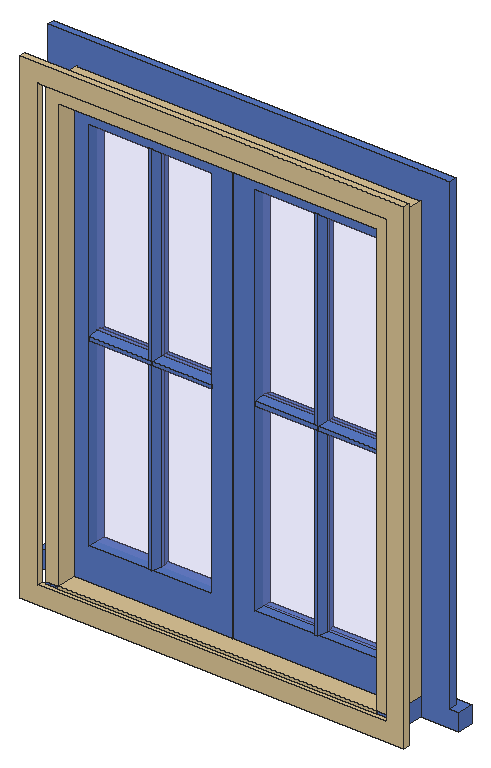
Revit family
Parameters (values of type "800 x 1200")
  Sash Thickness = 50 mm
  Rebate Thickness = 17 mm
  WithinWall = 0 mm
  Operation = "UserDefined"
  Keynote = "45-13-013"
  CoverBd Width = 90 mm
  Structural Tolerance = 5 mm
  Sill Thickness = 45 mm
  Rough Width = 894 mm
  Rough Height = Height + (2 * (Frame Thickness + Structural Tolerance))  # 1274 mm
  Height = 1200 mm
  Frame Thickness = 32 mm
  Default Sill Height = 800 mm
  CoverBd Thickness = 20 mm
  Wall Closure = (empty or 0)
  Width = 820 mm
  Architrave Width = 45 mm
  Architrave Thickness = 15 mm
Types (4, lengths in mm): name | Rebate Thickness | Keynote | Sill Thickness | Rough Width | Rough Height | Height | Width
  (no name) | 17 | "45-13-013" | 45 | 894 | 1274 | 1200 | 820
  1200 x 1400 | 15 | "45-13-014" | 45 | 1294 | 1474 | 1400 | 1220
  1000 x 1200 | 17 | "45-13-012" | 55 | 1094 | 1274 | 1200 | 1020
  800 x 1200 | 17 | "45-13-013" | 45 | 894 | 1274 | 1200 | 820
Reference planes
  plane 1: y = 50
  plane 2 "Center (Left/Right)": x = 7
  plane 3 "Left": x = -440
  plane 4 "Right": x = 454
  plane 5 "Sill": z = 912.616
  plane 6 "Head": z = 2112.616
  plane 7 "Exterior": y = 100
  plane 8 "Interior": y = 0
  plane 9: x = -435
  plane 10: x = 449
  plane 11: x = -403
  plane 12: x = 417
  plane 13 "Back of Sash": y = 50
  plane 14: z = 917.616
  plane 15: z = 2107.616
  plane 16: z = 2075.616
  plane 17: z = 962.616
  plane 18 "Rebate Left": x = -420
  plane 19 "Rebate Right": x = 434
  plane 20: z = 1526.616
  plane 21: z = 2090.616
  plane 22: x = -206.5
  plane 23: x = 220.5
  plane 24 "GlassFace": y = 75
  plane 25: x = -48
  plane 26: x = 62
  plane 27: z = 1047.616
  plane 28: x = 379
  plane 29: z = 2020.616
  plane 30: x = -365
Forms (mm)
  Extrusion 1, solid
    sketch origin (0, 0, 912.616) x (0, -1, 0) y (1, 0, 0)
      loop
        line (0, -435) -> (0, 449) -> (-100, 449) -> (-100, 549) -> (-140, 549) -> (-140, -535) -> (-100, -535) -> (-100, -435) -> (0, -435)
    from 5 to 50
  Sweep 2, solid, detail levels fine
    path origin (0, 0, 0) x (1, 0, 0) y (0, 0, 1)
      loop
        line (-440, 2112.616) -> (-440, 962.616) -> (449, 962.616) -> (449, 2112.616) -> (-440, 2112.616)
    profile origin (4.5, 0, 0) x (0, 0, 1) y (0, -1, 0)
      loop
        line (2117.616, 0) -> (2162.616, 0) -> (2162.616, 15) -> (2117.616, 15) -> (2117.616, 0)
  Extrusion 3, solid, detail levels medium+fine
    sketch origin (0, 0, 912.616) x (0, -1, 0) y (1, 0, 0)
      loop
        line (1.293, -403) -> (1.293, 417) -> (-50, 417) -> (-50, -403) -> (1.293, -403)
    from 35.759 to 52.652
  Extrusion 4, solid
    sketch origin (0, 100, 0) x (1, 0, 0) y (0, 0, 1)
      loop
        line (434, 1047.616) -> (434, 2038.616) -> (62, 2038.616) -> (62, 1047.616) -> (434, 1047.616)
    from 25 to 16.095
  Extrusion 5, solid
    sketch origin (-527, 75, 0) x (1, 0, 0) y (0, 0, 1)
      loop
        line (534, 1042.616) -> (534, 2040.616) -> (162, 2040.616) -> (162, 1042.616) -> (534, 1042.616)
    from 0 to -8.905
  Extrusion 6, solid, detail levels medium+fine
    sketch origin (0, 0, 912.616) x (0, -1, 0) y (1, 0, 0)
      loop
        line (-100, -202.321) -> (-100, -210.563) -> (-83.905, -215.793) -> (-75, -215.793) -> (-50, -211.5) -> (-50, -201.5) -> (-75, -197.092) -> (-83.905, -197.092) -> (-100, -202.321)
    from 135 to 1108
  Extrusion 7, solid, detail levels medium+fine
    sketch origin (0, 0, 912.616) x (0, -1, 0) y (1, 0, 0)
      loop
        line (-100, 224.398) -> (-100, 216.816) -> (-83.905, 211.274) -> (-75, 211.274) -> (-50, 216.133) -> (-50, 225.566) -> (-75, 229.975) -> (-83.905, 229.975) -> (-100, 224.398)
    from 135 to 1108
  Extrusion 8, solid, detail levels medium+fine
    sketch origin (-440, 0, 0) x (0, -1, 0) y (0, 0, 1)
      loop
        line (-100, 1521.616) -> (-83.905, 1517.208) -> (-75, 1517.208) -> (-50, 1521.616) -> (-50, 1531.616) -> (-75, 1535.909) -> (-83.905, 1535.909) -> (-100, 1531.616) -> (-100, 1521.616)
    from -77 to -392
  Extrusion 9, solid, detail levels medium+fine
    sketch origin (-15, 0, 0) x (0, -1, 0) y (0, 0, 1)
      loop
        line (-100, 1521.616) -> (-83.905, 1517.208) -> (-75, 1517.208) -> (-50, 1521.616) -> (-50, 1531.616) -> (-75, 1535.909) -> (-83.905, 1535.909) -> (-100, 1531.616) -> (-100, 1521.616)
    from -77 to -394
  Sweep 10, solid, detail levels medium+fine
    path origin (0, 200, 0) x (1, 0, 0) y (0, 0, 1)
      loop
        line (449, 962.616) -> (449, 2107.616) -> (-435, 2107.616) -> (-435, 962.616)
    profile origin (0, 0, 1535.116) x (-1, 0, 0) y (0, -1, 0)
      loop
        line (-449, -100) -> (-434, -100) -> (-434, -50) -> (-417, -50) -> (-417, 0) -> (-449, 0) -> (-449, -100)
  Extrusion 11, solid
    sketch origin (0, 75, 0) x (1, 0, 0) y (0, 0, 1)
      loop
        line (434, 962.616) -> (434, 2088.616) -> (7, 2088.616) -> (7, 962.616) -> (434, 962.616)
      loop
        line (379, 1047.616) -> (379, 2020.616) -> (62, 2020.616) -> (62, 1047.616) -> (379, 1047.616)
    from -25 to 25
  Sweep 12, solid
    path origin (0, 100, 0) x (1, 0, 0) y (0, 0, 1)
      loop
        line (434, 962.616) -> (434, 2088.616) -> (-420, 2088.616) -> (-420, 962.616)
    profile origin (434, 100, 1525.616) x (-1, 0, 0) y (0, -1, 0)
      loop
        line (0, 0) -> (-90, 0) -> (-90, -20) -> (0, -20) -> (0, 0)
  Extrusion 13, solid
    sketch origin (-427, 75, 0) x (1, 0, 0) y (0, 0, 1)
      loop
        line (434, 962.616) -> (434, 2088.616) -> (7, 2088.616) -> (7, 962.616) -> (434, 962.616)
      loop
        line (379, 1047.616) -> (379, 2020.616) -> (62, 2020.616) -> (62, 1047.616) -> (379, 1047.616)
    from -25 to 25
Cuts and joins
  joined: Extrusion 1, Sweep 12
Lines and regions (mm)
  Opening 1
    outline origin (3500, 0, 0) x (1, 0, 0) y (0, 0, 1)
      loop
        line (-3046, 912.616) -> (-3046, 2112.616) -> (-3940, 2112.616) -> (-3940, 912.616) -> (-3046, 912.616)
  symbolic lines, style "Windows", detail levels coarse
    curve 1: line (-435, 50, 0) -> (449, 50, 0)
  symbolic lines, style "Elevation Swing"
    curve 2: line (7, 0, 962.616) -> (434, 0, 1527.616)
    curve 3: line (434, 0, 1527.616) -> (7, 0, 2092.616)
    curve 4: line (7, 0, 2092.616) -> (-420, 0, 1527.616)
    curve 5: line (-420, 0, 1527.616) -> (7, 0, 962.616)
Text (mm)
  text "EXTERIOR" at (-1981.535, 863.181, 0), in view "Ref. Level"
  text "INTERIOR" at (-2017.992, -707.606, 0), in view "Ref. Level"
  text "Exterior" at (0, 923.751, 2943.296), in view "Right"
  text "Exterior" at (0, 1019.841, 2788.626), in view "Left"
Dimensions and locks
  equal spacing: plane 3 "Left", plane 2 "Center (Left/Right)", plane 4 "Right"
  "Rough Width": plane 3 "Left" to plane 4 "Right"
  "Height": plane 5 "Sill" to plane 6 "Head"
  plane 5 "Sill" to level = 912.616 mm
  "WithinWall": plane 7 "Exterior" to host wall
  locked: host wall to plane 8 "Interior" at 0
  "Structural Tolerance": plane 3 "Left" to plane 9
  "Structural Tolerance": plane 10 to plane 4 "Right"
  "Frame Thickness": plane 9 to plane 11
  "Frame Thickness": plane 12 to plane 10
  "Structural Tolerance": plane 5 "Sill" to plane 14
  "Sill Thickness": plane 14 to plane 17
  "Structural Tolerance": plane 15 to plane 6 "Head"
  "Frame Thickness": plane 16 to plane 15
  "Sash Thickness": plane 13 "Back of Sash" to plane 7 "Exterior"
  "Rebate Thickness": plane 18 "Rebate Left" to plane 11
  "Rebate Thickness": plane 12 to plane 19 "Rebate Right"
  Extrusion 4 to Extrusion 4 = 8.905 mm
  equal spacing: plane 17, plane 20, plane 21
  "Rebate Thickness": plane 21 to plane 15
  equal spacing: plane 18 "Rebate Left", plane 22, plane 2 "Center (Left/Right)"
  equal spacing: plane 2 "Center (Left/Right)", plane 23, plane 19 "Rebate Right"
  locked: Extrusion 5 to Extrusion 5 at 8.905
  plane 24 "GlassFace" to plane 7 "Exterior" = 25 mm
  Extrusion 1 to plane 24 "GlassFace" to host wall = 25 mm, 25 mm
  "CoverBd Thickness": Sweep 12 to Sweep 12
  "CoverBd Width": Sweep 12 to Sweep 12
  locked: plane 26 to plane 2 "Center (Left/Right)" at 55
  locked: plane 2 "Center (Left/Right)" to plane 25 at 55
  locked: plane 17 to plane 27 at 85
  locked: plane 29 to plane 16 at 55
  locked: plane 19 "Rebate Right" to plane 28 at 55
  locked: plane 18 "Rebate Left" to plane 30 at 55
  aligned and locked: plane 1 to host wall
  aligned and locked: plane 14 to Extrusion 1
  aligned and locked: plane 8 "Interior" to Sweep 2 sketch curve  (x2)
  aligned and locked: plane 13 "Back of Sash" to curve 1
  aligned and locked: plane 12 to Extrusion 3 sketch curve
  aligned and locked: Extrusion 5 to Extrusion 4
  aligned and locked: Extrusion 5 to Extrusion 6 sketch curve  (x4)
  aligned and locked: plane 13 "Back of Sash" to Extrusion 6 sketch curve
  aligned and locked: plane 24 "GlassFace" to Extrusion 4
  aligned and locked: Extrusion 4 to Extrusion 7 sketch curve  (x4)
  aligned and locked: Extrusion 7 sketch curve to plane 7 "Exterior"
  aligned and locked: Extrusion 6 sketch curve to plane 7 "Exterior"
  aligned and locked: host wall to Extrusion 1 sketch curve
  aligned and locked: plane 13 "Back of Sash" to Extrusion 11
  aligned and locked: Extrusion 11 to plane 7 "Exterior"
  aligned and locked: Sweep 10 sketch curve to plane 8 "Interior"
  aligned and locked: plane 13 "Back of Sash" to Sweep 10 sketch curve
  aligned and locked: Sweep 10 sketch curve to Extrusion 11
  aligned and locked: cut or joined group of Extrusion 1, Sweep 12 to plane 17
  aligned and locked: Extrusion 4 to Extrusion 9
  aligned and locked: Extrusion 11 sketch curve to plane 26
  aligned and locked: Extrusion 13 sketch curve to plane 25
  aligned and locked: Extrusion 4 to Extrusion 7
  aligned and locked: Extrusion 4 to Extrusion 6
  aligned and locked: Extrusion 9 to Extrusion 11
  aligned and locked: Extrusion 8 to Extrusion 13
  aligned and locked: plane 27 to Extrusion 13
  aligned and locked: plane 27 to Extrusion 11
  aligned and locked: Extrusion 4 to plane 27
  aligned and locked: Extrusion 13 to plane 29
  aligned and locked: plane 29 to Extrusion 6
  aligned and locked: plane 29 to Extrusion 7
  aligned and locked: Extrusion 11 to plane 29
  aligned and locked: plane 28 to Extrusion 11
  aligned and locked: Extrusion 13 to plane 30
Automatic sketch dimensions
  curve 1 to plane 9 = 0 mm
  curve 1 to plane 10 = 0 mm
  curve 3 to plane 2 "Center (Left/Right)" = 0 mm
  curve 3 to plane 19 "Rebate Right" = 0 mm
  curve 4 to plane 18 "Rebate Left" = 0 mm
  curve 5 to plane 2 "Center (Left/Right)" = 0 mm
  curve 5 to plane 17 = 0 mm
  curve 5 to plane 20 = 1 mm
  curve 2 to plane 20 = 1 mm
  plane 21 to curve 4 = 2 mm
  Opening 1 sketch curve to plane 3 "Left" = 0 mm
  Opening 1 sketch curve to plane 4 "Right" = 0 mm
  Opening 1 sketch curve to plane 5 "Sill" = 0 mm
  Opening 1 sketch curve to plane 6 "Head" = 0 mm
  Extrusion 1 sketch curve to host wall = 0 mm  (x2)
  Extrusion 1 sketch curve to plane 9 = 0 mm
  Extrusion 1 sketch curve to plane 10 = 0 mm
  host wall to Extrusion 1 sketch curve = 40 mm
  plane 3 "Left" to Extrusion 1 sketch curve = 95 mm
  Extrusion 1 sketch curve to plane 4 "Right" = 95 mm
  Sweep 2 sketch curve to plane 3 "Left" = 0 mm
  Sweep 2 sketch curve to plane 10 = 0 mm
  Sweep 2 sketch curve to plane 17 = 0 mm
  Sweep 2 sketch curve to plane 6 "Head" = 0 mm
  Sweep 2 sketch curve to profile plane = 5 mm
  Sweep 2 sketch curve to Sweep 2 sketch curve = 45 mm
  plane 8 "Interior" to Sweep 2 sketch curve = 15 mm
  Extrusion 3 sketch curve to host wall = 0 mm
  Extrusion 3 sketch curve to plane 11 = 0 mm
  host wall to Extrusion 3 sketch curve = 1.293 mm
  plane 2 "Center (Left/Right)" to Extrusion 4 sketch curve = 55 mm
  plane 4 "Right" to Extrusion 4 sketch curve = 20 mm
  Extrusion 4 sketch curve to plane 17 = 85 mm
  plane 16 to Extrusion 4 sketch curve = 37 mm
  plane 11 to Extrusion 5 sketch curve = 38 mm
  plane 2 "Center (Left/Right)" to Extrusion 5 sketch curve = 0 mm
  Extrusion 5 sketch curve to plane 17 = 80 mm
  plane 16 to Extrusion 5 sketch curve = 35 mm
  plane 22 to Extrusion 6 sketch curve = 9.293 mm
  plane 22 to Extrusion 6 sketch curve = 5 mm
  plane 22 to Extrusion 6 sketch curve = 4.063 mm
  Extrusion 6 sketch curve to plane 22 = 4.179 mm
  Extrusion 6 sketch curve to plane 22 = 5 mm
  Extrusion 6 sketch curve to plane 22 = 9.408 mm
  Extrusion 7 sketch curve to host wall = 0 mm
  plane 23 to Extrusion 7 sketch curve = 9.226 mm
  plane 23 to Extrusion 7 sketch curve = 4.367 mm
  plane 23 to Extrusion 7 sketch curve = 3.684 mm
  Extrusion 7 sketch curve to plane 23 = 3.898 mm
  Extrusion 7 sketch curve to plane 23 = 5.066 mm
  Extrusion 7 sketch curve to plane 23 = 9.475 mm
  Extrusion 8 sketch curve to host wall = 0 mm  (x2)
  Extrusion 8 sketch curve to plane 24 "GlassFace" = 0 mm  (x2)
  Extrusion 8 sketch curve to plane 24 "GlassFace" = 8.905 mm  (x2)
  plane 20 to Extrusion 8 sketch curve = 9.408 mm
  plane 20 to Extrusion 8 sketch curve = 5 mm  (x2)
  Extrusion 8 sketch curve to plane 20 = 5 mm  (x2)
  Extrusion 8 sketch curve to plane 20 = 9.293 mm
  Extrusion 9 sketch curve to host wall = 0 mm  (x2)
  Extrusion 9 sketch curve to plane 24 "GlassFace" = 0 mm  (x2)
  Extrusion 9 sketch curve to plane 24 "GlassFace" = 8.905 mm  (x2)
  plane 20 to Extrusion 9 sketch curve = 9.408 mm
  plane 20 to Extrusion 9 sketch curve = 5 mm  (x2)
  Extrusion 9 sketch curve to plane 20 = 5 mm  (x2)
  Extrusion 9 sketch curve to plane 20 = 9.293 mm
  Sweep 10 sketch curve to plane 9 = 0 mm
  Sweep 10 sketch curve to plane 10 = 0 mm
  Sweep 10 sketch curve to plane 17 = 0 mm  (x2)
  Sweep 10 sketch curve to plane 15 = 0 mm
  Sweep 10 sketch curve to profile plane = 0 mm
  Sweep 10 sketch curve to Sweep 10 sketch curve = 32 mm
  Sweep 10 sketch curve to Sweep 10 sketch curve = 50 mm
  Extrusion 11 sketch curve to plane 2 "Center (Left/Right)" = 0 mm
  Extrusion 11 sketch curve to plane 19 "Rebate Right" = 0 mm
  Extrusion 11 sketch curve to plane 17 = 0 mm
  Extrusion 11 sketch curve to plane 12 = 38 mm
  Extrusion 11 sketch curve to plane 17 = 85 mm
  plane 16 to Extrusion 11 sketch curve = 55 mm
  Extrusion 11 sketch curve to plane 21 = 2 mm
  Sweep 12 sketch curve to plane 18 "Rebate Left" = 0 mm
  Sweep 12 sketch curve to plane 19 "Rebate Right" = 0 mm
  Sweep 12 sketch curve to plane 17 = 0 mm  (x2)
  Sweep 12 sketch curve to plane 21 = 2 mm
  Sweep 12 sketch curve to plane 7 "Exterior" = 0 mm
  Sweep 12 sketch curve to profile plane = 0 mm
  Sweep 12 sketch curve to plane 7 "Exterior" = 20 mm
  profile plane to Sweep 12 sketch curve = 90 mm
  Extrusion 13 sketch curve to plane 17 = 0 mm
  Extrusion 13 sketch curve to plane 18 "Rebate Left" = 0 mm
  Extrusion 13 sketch curve to plane 2 "Center (Left/Right)" = 0 mm
  plane 11 to Extrusion 13 sketch curve = 38 mm
  Extrusion 13 sketch curve to plane 17 = 85 mm
  plane 16 to Extrusion 13 sketch curve = 55 mm
  Extrusion 13 sketch curve to plane 21 = 2 mm
